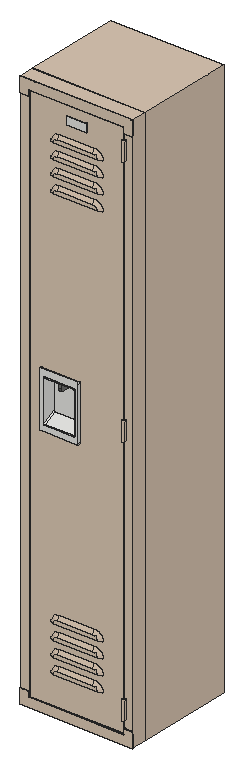
Revit family "Locker_SalsburyInd_Metal-1-Tier-Single", category Specialty Equipment, Revit 2022
Family settings
  Round Connector Dimension = Use Diameter
  Part Type = Normal
  OmniClass Number = 23.40.00.00
  OmniClass Title = Equipment and Furnishings
  Work Plane-Based = No
  Always vertical = Yes
  Cut with Voids When Loaded = No
  Maintain Annotation Orientation = No
  Shared = No
  Room Calculation Point = No
Parameters
  Warranty Duration (Years) = 0
  Vertical Front Filler Width_Right [instance] = 15.000"
  Vertical Front Filler Width_Left [instance] = 15.000"
  Vertical Filler_Right [instance] = ML_Front Filler : None
  Vertical Filler_Left [instance] = ML_Front Filler : None
  Unit Width = 12.000"
  Unit Height = 60.000"
  Unit Depth = 12.000"
  URL = "www.lockers.com"
  Type Comments = "Specify Assembled or Disassembled"
  Specification = ""
  SpecWizard = ""
  Sales Information = "http://www.lockers.com/service/contact/"
  Revision = "R1_2017-09"
  Product Properties = "http://www.lockers.com/shop-by-department/metal-lockers/standard-12-w/"
  Product Data = "http://www.arcat.com/arcatcos/cos35/arc35330.html"
  Overall Height [instance] = Unit Height + Base Height + Sloping Hood Height  # 60.000"
  Manufacturer Website = "http://www.lockers.com/"
  Manufacturer Phone - Toll Free = "800-562-5377"
  Manufacturer Phone = "323-846-6700"
  Manufacturer Fax = "323-846-6800"
  Manufacturer Address = "1010 E. 62nd St.  Los Angeles, CA 90001-1598"
  Maintenance Schedule (Months) = 0
  Lock Type [instance] = "[Built-in Combination][Padlock][Built-in Resettable Combination]"
  Keynote = "10 50 00"
  Installation Phase = ""
  Hasp Plate Material [instance] = Finish - Salsbury - Polished Steel
  Hasp Handle Material [instance] = Finish - Salsbury - Black
  Green Building-LEED = ""
  Expected Lifespan (Years) = 0
  End Panel_Right [instance] = ML_End Panel : None
  End Panel_Left [instance] = ML_End Panel : None
  Drawn By = "Sumex Design, Inc. / Robert S. Weygant, CSI, CDT, SCIP"
  Door Width = Unit Width - (1.063" * 2)  # 9.874"
  Door Height = Unit Height - (1.094" * 2)  # 57.812"
  Top Filler_Right [instance] = ML_Top Filler : None
  Top Filler_Left [instance] = ML_Top Filler : None
  Sloping Hood Height [instance] = if(not(Sloped Hood), 0.000", if(Unit Depth = 12.000", 6.625", if(Unit Depth = 15.000", 8.682", if(Unit Depth = 18.000", 10.739", 0.000"))))  # 0.000"
  Sloped Hood [instance] = no
  Model = "as Specified"
  Manufacturer = "Salsbury Industries"
  Fixture Finish [instance] = Finish - Salsbury - Tan
  Door A Label [instance] = "Number / Name as Specified"
  Description = "Salsbury Locker as Specified"
  Default Elevation = 0.000"
  Copyright = "©Arcat Inc."
  Construction Details = "http://www.arcat.com/details/salsbury/salsbury.html?coid=35330"
  Base_Right [instance] = ML_Base Side : None
  Base_Left [instance] = ML_Base Side : None
  Base Type = ML_Base Type : No Legs
  Base Height = 0.000"
  Base Front [instance] = ML_Front Base : None
  Assembly Code = "C1030310"
Reference planes (in)
  plane 1 "Center (Front/Back)": y = 0.005
  plane 2: z = 0
  plane 3 "Center (Left/Right)": x = 0
  plane 4 "Floor": z = 0
  plane 5 "Bottom of Unit": z = 0
  plane 6 "Top of Unit": z = 60
  plane 7 "Left Side of Unit": x = -6
  plane 8 "Right Side of Unit": x = 6
  plane 9 "Back of Unit": y = 6.005
  plane 10 "Front of Unit": y = -5.995
  plane 11 "Top of Sloping Hood": z = 60
  plane 12 "Right Side of Door Opening": x = 5
  plane 13 "Left Side of Door Opening": x = -5
  plane 14 "Top of Door Opening": z = 59
  plane 15 "Bottom of Door Opening": z = 1
  plane 16 "Back Edge of Front Facing": y = -4.407
  plane 17 "Front Plate Plane": y = -6.055
  plane 18 "Corner Filler Align-Left": x = -6.06
  plane 19 "Corner Filler Align-Right": x = 6.06
  plane 20 "Left Side of Door": x = -4.93029
  plane 21 "Right Side of Door": x = 4.93026
  plane 22 "Top of Door 1": z = 58.90976
  plane 23 "Bottom of Bottom Door": z = 1.09027
  plane 24: x = -5.075
  plane 25: x = 5.075
  plane 26: z = 58.40796
  plane 27: z = 1.59204
Forms (in)
  Sweep 1, solid, material "Finish - Salsbury - Tan" <- "Fixture Finish"
    path origin (0, -5.995, 0) x (1, 0, 0) y (0, 0, 1)
      loop
        line (-6, 60) -> (-6, 0) -> (6, 0) -> (6, 60) -> (-6, 60)
    profile origin (0, -5.995, 60) x (0, 0, 1) y (0, -1, 0)
      loop
        line (0, 0) -> (-1, 0) -> (-1, -1.588) -> (0, -1.588) -> (0, 0)
  Extrusion 2, solid, material "Finish - Salsbury - Tan" <- "Fixture Finish"
    sketch origin (0, -6.055, 0) x (0, 0, -1) y (1, 0, 0)
      loop
        line (-60, -6) -> (-58.47656, -6)
        arc (-58.47656, -6) -> (-58.42806, -5.97991) -> (-58.40796, -5.9314) r 0.0686
        line (-58.40796, -5.9314) -> (-58.40796, -5.14351)
        arc (-58.40796, -5.14351) -> (-58.42809, -5.09506) -> (-58.47656, -5.075) r 0.0686
        line (-58.47656, -5.075) -> (-59, -5.075) -> (-59, 5.075) -> (-58.47656, 5.075)
        arc (-58.47656, 5.075) -> (-58.42809, 5.09506) -> (-58.40796, 5.14351) r 0.0686
        line (-58.40796, 5.14351) -> (-58.40796, 5.9314)
        arc (-58.40796, 5.9314) -> (-58.42806, 5.97991) -> (-58.47656, 6) r 0.0686
        line (-58.47656, 6) -> (-60, 6) -> (-60, -6)
    from -0.06 to 0
  Extrusion 3, solid, material "Finish - Salsbury - Tan" <- "Fixture Finish"
    sketch origin (0, -6.055, 84) x (0, 0, 1) y (-1, 0, 0)
      loop
        line (-84, 6) -> (-84, -6) -> (-82.47656, -6)
        arc (-82.47656, -6) -> (-82.42806, -5.97991) -> (-82.40796, -5.9314) r 0.0686
        line (-82.40796, -5.9314) -> (-82.40796, -5.14351)
        arc (-82.40796, -5.14351) -> (-82.42809, -5.09506) -> (-82.47656, -5.075) r 0.0686
        line (-82.47656, -5.075) -> (-83, -5.075) -> (-83, 5.075) -> (-82.47656, 5.075)
        arc (-82.47656, 5.075) -> (-82.42809, 5.09506) -> (-82.40796, 5.14351) r 0.0686
        line (-82.40796, 5.14351) -> (-82.40796, 5.9314)
        arc (-82.40796, 5.9314) -> (-82.42806, 5.97991) -> (-82.47656, 6) r 0.0686
        line (-82.47656, 6) -> (-84, 6)
    from -0.06 to 0
  Extrusion 4, solid, material "Finish - Salsbury - Tan" <- "Fixture Finish"
    sketch origin (6, 0, 0) x (0, 0, -1) y (0, -1, 0)
      loop
        line (-59.94, 4.407) -> (-59.94, 6.055) -> (-60, 6.055) -> (-60, -6.005) -> (0, -6.005) -> (0, 4.407) -> (-59.94, 4.407)
    from 0 to 12
  Extrusion 5, void
    sketch origin (6, 0, 0) x (0, 0, -1) y (0, -1, 0)
      loop
        line (-60, 6.055) -> (-60, 4.407) -> (-59.94, 4.407) -> (-59.94, 6.055) -> (-60, 6.055)
    from 0 to 12
Cuts and joins
  Extrusion 5 cuts Extrusion 4
Dimensions and locks (in)
  equal spacing: plane 7 "Left Side of Unit", plane 3 "Center (Left/Right)", plane 8 "Right Side of Unit"
  "Unit Width": plane 7 "Left Side of Unit" to plane 8 "Right Side of Unit"
  "Base Height": plane 5 "Bottom of Unit" to plane 4 "Floor"
  "Unit Height": plane 6 "Top of Unit" to plane 5 "Bottom of Unit"
  equal spacing: plane 10 "Front of Unit", plane 1 "Center (Front/Back)", plane 9 "Back of Unit"
  "Unit Depth": plane 10 "Front of Unit" to plane 9 "Back of Unit"
  "Sloping Hood Height": plane 11 "Top of Sloping Hood" to plane 6 "Top of Unit"
  plane 6 "Top of Unit" to plane 14 "Top of Door Opening" to plane 22 "Top of Door 1" to plane 26 = 1.000" locked, 0.09024" locked, 0.5018" locked
  plane 27 to plane 23 "Bottom of Bottom Door" to plane 15 "Bottom of Door Opening" to plane 5 "Bottom of Unit" = 0.50177" locked, 0.09027" locked, 1.000" locked
  plane 7 "Left Side of Unit" to plane 13 "Left Side of Door Opening" to plane 20 "Left Side of Door" = 1.000" locked, 0.06971"
  plane 21 "Right Side of Door" to plane 12 "Right Side of Door Opening" to plane 8 "Right Side of Unit" = 0.06974", 1.000" locked
  plane 17 "Front Plate Plane" to plane 10 "Front of Unit" to plane 16 "Back Edge of Front Facing" = 0.060" locked, 1.588" locked
  locked: plane 8 "Right Side of Unit" to plane 19 "Corner Filler Align-Right" at 0.06
  locked: plane 18 "Corner Filler Align-Left" to plane 7 "Left Side of Unit" at 0.06
  plane 20 "Left Side of Door" to plane 21 "Right Side of Door" = 9.86055"
  locked: plane 7 "Left Side of Unit" to plane 24 at 0.925
  locked: plane 25 to plane 8 "Right Side of Unit" at 0.925
  locked: Extrusion 4 sketch curve to plane 6 "Top of Unit" at 0.06
  locked: Extrusion 5 sketch curve to plane 6 "Top of Unit" at 0.06
  aligned and locked: level to plane 2
  aligned and locked: Extrusion 2 to plane 10 "Front of Unit"
  aligned and locked: Extrusion 3 to plane 10 "Front of Unit"
  aligned and locked: plane 4 "Floor" to nested 1
  aligned and locked: plane 5 "Bottom of Unit" to Extrusion 3
  aligned and locked: plane 10 "Front of Unit" to nested 2
  aligned and locked: nested 5 to plane 10 "Front of Unit"
  aligned and locked: plane 10 "Front of Unit" to nested 6
  aligned and locked: plane 10 "Front of Unit" to nested 4
  aligned and locked: plane 23 "Bottom of Bottom Door" to nested 8
  aligned and locked: plane 10 "Front of Unit" to nested 8
  aligned and locked: plane 10 "Front of Unit" to nested 1
  aligned and locked: plane 6 "Top of Unit" to Sweep 1 sketch curve  (x2)
  aligned and locked: Sweep 1 sketch curve to plane 7 "Left Side of Unit"
  aligned and locked: plane 8 "Right Side of Unit" to Sweep 1 sketch curve
  aligned and locked: Sweep 1 sketch curve to plane 5 "Bottom of Unit"
  aligned and locked: plane 10 "Front of Unit" to Sweep 1
  aligned and locked: Extrusion 2 to plane 17 "Front Plate Plane"
  aligned and locked: plane 10 "Front of Unit" to Extrusion 2
  aligned and locked: Extrusion 2 to plane 8 "Right Side of Unit"
  aligned and locked: plane 7 "Left Side of Unit" to Extrusion 2
  aligned and locked: plane 7 "Left Side of Unit" to Extrusion 3
  aligned and locked: plane 17 "Front Plate Plane" to Extrusion 3
  aligned and locked: Extrusion 3 to plane 8 "Right Side of Unit"
  aligned and locked: plane 24 to Extrusion 3
  aligned and locked: plane 25 to Extrusion 3
  aligned and locked: plane 25 to Extrusion 2
  aligned and locked: Extrusion 2 to plane 24
  aligned and locked: plane 16 "Back Edge of Front Facing" to Sweep 1 sketch curve
  aligned and locked: Sweep 1 sketch curve to plane 14 "Top of Door Opening"
  aligned and locked: Sweep 1 sketch curve to plane 10 "Front of Unit"
  aligned and locked: plane 26 to Extrusion 2  (x2)
  aligned and locked: Extrusion 2 to plane 6 "Top of Unit"
  aligned and locked: plane 14 "Top of Door Opening" to Extrusion 2
  aligned and locked: Extrusion 3 to plane 15 "Bottom of Door Opening"
  aligned and locked: plane 27 to Extrusion 3
  aligned and locked: Extrusion 3 to plane 27
  aligned and locked: plane 8 "Right Side of Unit" to nested 6
  aligned and locked: nested 7 to plane 7 "Left Side of Unit"
  aligned and locked: plane 10 "Front of Unit" to nested 7
  aligned and locked: plane 11 "Top of Sloping Hood" to Extrusion 4 sketch curve
  aligned and locked: Extrusion 4 to plane 8 "Right Side of Unit"
  aligned and locked: plane 7 "Left Side of Unit" to Extrusion 4
  aligned and locked: plane 17 "Front Plate Plane" to Extrusion 4 sketch curve
  aligned and locked: Extrusion 5 sketch curve to plane 16 "Back Edge of Front Facing"
  aligned and locked: Extrusion 5 sketch curve to plane 6 "Top of Unit"
  aligned and locked: plane 17 "Front Plate Plane" to Extrusion 5 sketch curve
  aligned and locked: plane 7 "Left Side of Unit" to Extrusion 5
  aligned and locked: Extrusion 5 to plane 8 "Right Side of Unit"
  aligned and locked: plane 5 "Bottom of Unit" to nested 4
  aligned and locked: nested 5 to plane 5 "Bottom of Unit"
  aligned and locked: plane 1 "Center (Front/Back)" to nested 3
  aligned and locked: plane 8 "Right Side of Unit" to nested 3
  aligned and locked: plane 7 "Left Side of Unit" to nested 9
  aligned and locked: nested 9 to plane 1 "Center (Front/Back)"
  aligned and locked: plane 3 "Center (Left/Right)" to nested 2
  aligned and locked: plane 3 "Center (Left/Right)" to nested 1
  aligned and locked: plane 8 "Right Side of Unit" to nested 4
  aligned and locked: plane 7 "Left Side of Unit" to nested 5
  aligned and locked: plane 1 "Center (Front/Back)" to nested 10
  aligned and locked: nested 10 to plane 19 "Corner Filler Align-Right"
  aligned and locked: nested 11 to plane 1 "Center (Front/Back)"
  aligned and locked: plane 18 "Corner Filler Align-Left" to nested 11
  aligned and locked: plane 3 "Center (Left/Right)" to nested 8
  aligned and locked: plane 5 "Bottom of Unit" to Extrusion 4 sketch curve
  aligned and locked: plane 6 "Top of Unit" to Extrusion 4 sketch curve
Automatic sketch dimensions
  Extrusion 2 sketch curve to plane 6 "Top of Unit" = 0.000"
  plane 14 "Top of Door Opening" to Extrusion 2 sketch curve = 0.000"
  plane 7 "Left Side of Unit" to Extrusion 2 sketch curve = 0.000"
  Extrusion 2 sketch curve to plane 8 "Right Side of Unit" = 0.000"
  Extrusion 2 sketch curve to plane 7 "Left Side of Unit" = 0.0686"
  Extrusion 2 sketch curve to Extrusion 2 sketch curve = 0.0686"
  plane 13 "Left Side of Door Opening" to Extrusion 2 sketch curve = 0.1436"
  Extrusion 2 sketch curve to Extrusion 2 sketch curve = 0.00009"
  Extrusion 2 sketch curve to plane 12 "Right Side of Door Opening" = 0.075"
  Extrusion 2 sketch curve to Extrusion 2 sketch curve = 0.06851"
  Extrusion 3 sketch curve to plane 5 "Bottom of Unit" = 0.000"
  plane 15 "Bottom of Door Opening" to Extrusion 3 sketch curve = 0.000"
  Extrusion 3 sketch curve to plane 7 "Left Side of Unit" = 0.000"
  plane 8 "Right Side of Unit" to Extrusion 3 sketch curve = 0.000"
  Extrusion 3 sketch curve to Extrusion 3 sketch curve = 0.0686"  (x2)
  Extrusion 3 sketch curve to plane 13 "Left Side of Door Opening" = 0.1436"
  Extrusion 3 sketch curve to Extrusion 3 sketch curve = 0.00009"
  plane 12 "Right Side of Door Opening" to Extrusion 3 sketch curve = 0.075"
  Extrusion 3 sketch curve to Extrusion 3 sketch curve = 0.06851"
  plane 24 to Extrusion 2 sketch curve = 0.000"
  Extrusion 2 sketch curve to plane 26 = 0.000"  (x2)
  Extrusion 2 sketch curve to plane 26 = 0.0686"
  plane 24 to Extrusion 3 sketch curve = 0.000"
  Extrusion 3 sketch curve to plane 27 = 0.000"  (x2)
  Extrusion 3 sketch curve to plane 27 = 0.0686"
  Extrusion 4 sketch curve to plane 9 "Back of Unit" = 0.000"
  Extrusion 4 sketch curve to plane 16 "Back Edge of Front Facing" = 0.000"
Nested families (in)
  nested 1: "ML_Front Base" at (0, 0.01, 0), type <- "Base Front", Finish <- "Fixture Finish", Locker Width <- "Unit Width", type "None"
    with Width 10.000", Locker Width 12.000", Finish Finish - Salsbury - Tan
  nested 2: "ML_Base Type" at (0, 0.005, 0), type <- "Base Type", Finish <- "Fixture Finish", Depth <- "Unit Depth", Width <- "Unit Width", type "No Legs"
    with Width 12.000", Finish Finish - Salsbury - Tan, Depth 12.000"
  nested 3: "ML_Base Side" at (0.01, 0.005, 0), type <- "Base_Right", Locker Depth <- "Unit Depth", Finish <- "Fixture Finish", type "None"
    with Locker Depth 12.000", Finish Finish - Salsbury - Tan
  nested 4: "ML_End Panel" at (10.1325, 2.172, 0), type <- "End Panel_Right", Height <- "Unit Height", Depth <- "Unit Depth", Finish <- "Fixture Finish", type "None"
    with controldepth 12.000", Height 60.000", Finish Finish - Salsbury - Tan, Depth 12.000", Base Height 0.000"
  nested 5: "ML_End Panel" at (-10.1325, 2.172, 0) x (-1, 0, 0) z (0, 0, 1), type <- "End Panel_Left", Height <- "Unit Height", Depth <- "Unit Depth", Finish <- "Fixture Finish", type "None"
    with controldepth 12.000", Height 60.000", Finish Finish - Salsbury - Tan, Depth 12.000", Base Height 0.000"
  nested 6: "ML_Front Filler" at (18.095, -3.078, 0), type <- "Vertical Filler_Right", Base Height <- "Base Height", Height <- "Unit Height", Width <- "Vertical Front Filler Width_Right", Finish <- "Fixture Finish", type "None"
    with Width 15.000", Height 60.000", Finish Finish - Salsbury - Tan, Base Height 0.000"
  nested 7: "ML_Front Filler" at (-8.905, -3.078, 0), type <- "Vertical Filler_Left", Base Height <- "Base Height", Height <- "Unit Height", Width <- "Vertical Front Filler Width_Left", Finish <- "Fixture Finish", type "None"
    with Width 15.000", Height 60.000", Finish Finish - Salsbury - Tan, Base Height 0.000"
  nested 8: "Metal Locker Doors_SingleTier" at (0, -5.545, 1.09027), Hasp Handle Material <- "Hasp Handle Material", Hasp Plate Rivet Material <- "Hasp Plate Material", Primary Structure Material <- "Fixture Finish", Width <- "Door Width", type "as Specified"
    with Width 9.874", Primary Structure Material Finish - Salsbury - Tan, Louver Width 5.55412", Hasp Plate Rivet Material Finish - Salsbury - Polished Steel, Hasp Handle Material Finish - Salsbury - Black
  nested 9: "ML_Base Side" at (-0.01, 0.005, 0) x (-1, 0, 0) z (0, 0, 1), type <- "Base_Left", Locker Depth <- "Unit Depth", Finish <- "Fixture Finish", type "None"
    with Locker Depth 12.000", Finish Finish - Salsbury - Tan
  nested 10: "ML_Top Filler" at (10.655, 2.172, 60), Finish <- "Fixture Finish", type <- "Top Filler_Right", Width <- "Vertical Front Filler Width_Right", Depth <- "Unit Depth", type "None"
    with Width 15.000", Sloped Height 6.625", Finish Finish - Salsbury - Tan, Depth 12.000", Corner Width 12.625"
  nested 11: "ML_Top Filler" at (-10.655, 2.172, 60) x (-1, 0, 0) z (0, 0, 1), Finish <- "Fixture Finish", type <- "Top Filler_Left", Width <- "Vertical Front Filler Width_Left", Depth <- "Unit Depth", type "None"
    with Width 15.000", Sloped Height 6.625", Finish Finish - Salsbury - Tan, Depth 12.000", Corner Width 12.625"
Definition of nested family "Metal Locker Doors_SingleTier"
  Parameters (values of type "as Specified")
    Width [instance] = 9.938"
    Visible Top Louvers 3 and 4 = yes
    Visible Top Louver 2 = yes
    Visible Hinge 3 = yes
    Visible Bottom Louvers 1 and 2 = yes
    Visible Bottom Louver 3 = yes
    Top Louver Set Vertical Alignment = 3.063"
    Primary Structure Material [instance] = none
    Number Plate Alignment = 0.9375"
    Louver Width [instance] = Width * 9 / 16  # 5.59013"
    Hinge 3 Placement = 54.500"
    Hinge 2 Placement = 27.875"
    Hinge 1 Placement = 1.125"
    Height = 57.812"
    Hasp Plate Rivet Material [instance] = none
    Hasp Height = 5.960"
    Hasp Handle Material [instance] = none
    Depth = 0.900"
    Default Elevation = 48.000"
    Bottom Louver Set Vertical Alignment = 3.063"
  Reference planes (in)
    plane 1 "Center (Front/Back)": y = 0
    plane 2 "Bottom of Door": z = 0
    plane 3 "Center (Left/Right)": x = 0
    plane 4 "Center (Top/Bottom)": z = 28.906
    plane 5 "Top of Door": z = 57.812
    plane 6 "Right Side of Door": x = 4.969
    plane 7 "Left Side of Door": x = -4.969
    plane 8 "Front of Door": y = -0.45
    plane 9 "Back of Door": y = 0.45
    plane 10 "Top of Number Plate": z = 56.8745
    plane 11 "Top of Top Vent 1": z = 54.749
    plane 12 "Top of Top Vent 2": z = 53.124
    plane 13 "Top of Top Vent 3": z = 51.499
    plane 14 "Top of Top Vent 4": z = 49.874
    plane 15 "Bottom of Bottom Vent 1": z = 7.938
    plane 16 "Bottom of Bottom Vent 2": z = 6.313
    plane 17 "Bottom of Bottom Vent 3": z = 4.688
    plane 18 "Bottom of Bottom Vent 4": z = 3.063
    plane 19 "Top of Hasp Alignment": z = 31.886
    plane 20 "Left Side of Hasp Alignment": x = -3.844
    plane 21 "Bottom of Hasp Alignment": z = 25.926
    plane 22 "Right Side of Hasp Alignment": x = 0.256
    plane 23 "Left Side of Louvers": x = -2.79506
    plane 24 "Right Side of Louvers": x = 2.79506
    plane 25 "Front of Louvers": y = -0.6375
    plane 26: x = -1.094
    plane 27: x = 1.094
    plane 28: z = 55.8745
    plane 29 "Center Hasp": x = -1.794
    plane 30 "Top of Hinge 3": z = 3.312
    plane 31 "Top of Hinge 2": z = 29.937
    plane 32 "Top of Hinge 1": z = 56.687
  Forms (in)
    Extrusion 1, solid, material <- "Primary Structure Material"
      sketch origin (0, 0, 0) x (1, 0, 0) y (0, 0, 1)
        loop
          line (-4.969, 57.812) -> (-4.969, 0) -> (4.969, 0) -> (4.969, 57.812) -> (-4.969, 57.812)
      from -0.45 to 0.45
    Blend 2, solid, material <- "Primary Structure Material"
      base sketch origin (0, -0.45, 0) x (1, 0, 0) y (0, 0, 1)
        loop
          line (-2.79506, 53.84744) -> (2.79506, 53.84744)
          arc (2.79506, 53.84744) -> (2.531, 54.48494) -> (1.8935, 54.749) r 0.90156
          line (1.8935, 54.749) -> (-1.8935, 54.749)
          arc (-1.8935, 54.749) -> (-2.531, 54.48494) -> (-2.79506, 53.84744) r 0.90156
      top sketch origin (0, -0.6375, 0) x (1, 0, 0) y (0, 0, 1)
        loop
          line (-2.36248, 53.84744) -> (2.36248, 53.84744)
          arc (2.36248, 53.84744) -> (2.22656, 54.17558) -> (1.89842, 54.3115) r 0.46406
          line (1.89842, 54.3115) -> (-1.89842, 54.3115)
          arc (-1.89842, 54.3115) -> (-2.22656, 54.17558) -> (-2.36248, 53.84744) r 0.46406
      from 0 to 0
    Blend 3, solid, material <- "Primary Structure Material", visible <- "Visible Top Louver 2"
      base sketch origin (0, -0.45, -1.625) x (1, 0, 0) y (0, 0, 1)
        loop
          line (-2.79506, 53.84744) -> (2.79506, 53.84744)
          arc (2.79506, 53.84744) -> (2.531, 54.48494) -> (1.8935, 54.749) r 0.90156
          line (1.8935, 54.749) -> (-1.8935, 54.749)
          arc (-1.8935, 54.749) -> (-2.531, 54.48494) -> (-2.79506, 53.84744) r 0.90156
      top sketch origin (0, -0.6375, -1.625) x (1, 0, 0) y (0, 0, 1)
        loop
          line (-2.36248, 53.84744) -> (2.36248, 53.84744)
          arc (2.36248, 53.84744) -> (2.22656, 54.17558) -> (1.89842, 54.3115) r 0.46406
          line (1.89842, 54.3115) -> (-1.89842, 54.3115)
          arc (-1.89842, 54.3115) -> (-2.22656, 54.17558) -> (-2.36248, 53.84744) r 0.46406
      from 0 to 0
    Blend 4, solid, material <- "Primary Structure Material", visible <- "Visible Top Louvers 3 and 4"
      base sketch origin (0, -0.45, -3.25) x (1, 0, 0) y (0, 0, 1)
        loop
          line (-2.79506, 53.84744) -> (2.79506, 53.84744)
          arc (2.79506, 53.84744) -> (2.531, 54.48494) -> (1.8935, 54.749) r 0.90156
          line (1.8935, 54.749) -> (-1.8935, 54.749)
          arc (-1.8935, 54.749) -> (-2.531, 54.48494) -> (-2.79506, 53.84744) r 0.90156
      top sketch origin (0, -0.6375, -3.25) x (1, 0, 0) y (0, 0, 1)
        loop
          line (-2.36248, 53.84744) -> (2.36248, 53.84744)
          arc (2.36248, 53.84744) -> (2.22656, 54.17558) -> (1.89842, 54.3115) r 0.46406
          line (1.89842, 54.3115) -> (-1.89842, 54.3115)
          arc (-1.89842, 54.3115) -> (-2.22656, 54.17558) -> (-2.36248, 53.84744) r 0.46406
      from 0 to 0
    Blend 5, solid, material <- "Primary Structure Material", visible <- "Visible Top Louvers 3 and 4"
      base sketch origin (0, -0.45, -4.875) x (1, 0, 0) y (0, 0, 1)
        loop
          line (-2.79506, 53.84744) -> (2.79506, 53.84744)
          arc (2.79506, 53.84744) -> (2.531, 54.48494) -> (1.8935, 54.749) r 0.90156
          line (1.8935, 54.749) -> (-1.8935, 54.749)
          arc (-1.8935, 54.749) -> (-2.531, 54.48494) -> (-2.79506, 53.84744) r 0.90156
      top sketch origin (0, -0.6375, -4.875) x (1, 0, 0) y (0, 0, 1)
        loop
          line (-2.36248, 53.84744) -> (2.36248, 53.84744)
          arc (2.36248, 53.84744) -> (2.22656, 54.17558) -> (1.89842, 54.3115) r 0.46406
          line (1.89842, 54.3115) -> (-1.89842, 54.3115)
          arc (-1.89842, 54.3115) -> (-2.22656, 54.17558) -> (-2.36248, 53.84744) r 0.46406
      from 0 to 0
    Blend 6, solid, material <- "Primary Structure Material", visible <- "Visible Bottom Louvers 1 and 2"
      base sketch origin (0, -0.45, -57.818) x (1, 0, 0) y (0, 0, 1)
        loop
          line (-2.79506, 65.756) -> (2.79506, 65.756)
          arc (2.79506, 65.756) -> (2.531, 66.3935) -> (1.8935, 66.65756) r 0.90156
          line (1.8935, 66.65756) -> (-1.8935, 66.65756)
          arc (-1.8935, 66.65756) -> (-2.531, 66.3935) -> (-2.79506, 65.756) r 0.90156
      top sketch origin (0, -0.6375, -57.818) x (1, 0, 0) y (0, 0, 1)
        loop
          line (-2.36248, 65.756) -> (2.36248, 65.756)
          arc (2.36248, 65.756) -> (2.22656, 66.08414) -> (1.89842, 66.22006) r 0.46406
          line (1.89842, 66.22006) -> (-1.89842, 66.22006)
          arc (-1.89842, 66.22006) -> (-2.22656, 66.08414) -> (-2.36248, 65.756) r 0.46406
      from 0 to 0
    Blend 7, solid, material <- "Primary Structure Material", visible <- "Visible Bottom Louvers 1 and 2"
      base sketch origin (0, -0.45, -59.443) x (1, 0, 0) y (0, 0, 1)
        loop
          line (-2.79506, 65.756) -> (2.79506, 65.756)
          arc (2.79506, 65.756) -> (2.531, 66.3935) -> (1.8935, 66.65756) r 0.90156
          line (1.8935, 66.65756) -> (-1.8935, 66.65756)
          arc (-1.8935, 66.65756) -> (-2.531, 66.3935) -> (-2.79506, 65.756) r 0.90156
      top sketch origin (0, -0.6375, -59.443) x (1, 0, 0) y (0, 0, 1)
        loop
          line (-2.36248, 65.756) -> (2.36248, 65.756)
          arc (2.36248, 65.756) -> (2.22656, 66.08414) -> (1.89842, 66.22006) r 0.46406
          line (1.89842, 66.22006) -> (-1.89842, 66.22006)
          arc (-1.89842, 66.22006) -> (-2.22656, 66.08414) -> (-2.36248, 65.756) r 0.46406
      from 0 to 0
    Blend 8, solid, material <- "Primary Structure Material", visible <- "Visible Bottom Louver 3"
      base sketch origin (0, -0.45, -61.068) x (1, 0, 0) y (0, 0, 1)
        loop
          line (-2.79506, 65.756) -> (2.79506, 65.756)
          arc (2.79506, 65.756) -> (2.531, 66.3935) -> (1.8935, 66.65756) r 0.90156
          line (1.8935, 66.65756) -> (-1.8935, 66.65756)
          arc (-1.8935, 66.65756) -> (-2.531, 66.3935) -> (-2.79506, 65.756) r 0.90156
      top sketch origin (0, -0.6375, -61.068) x (1, 0, 0) y (0, 0, 1)
        loop
          line (-2.36248, 65.756) -> (2.36248, 65.756)
          arc (2.36248, 65.756) -> (2.22656, 66.08414) -> (1.89842, 66.22006) r 0.46406
          line (1.89842, 66.22006) -> (-1.89842, 66.22006)
          arc (-1.89842, 66.22006) -> (-2.22656, 66.08414) -> (-2.36248, 65.756) r 0.46406
      from 0 to 0
    Blend 9, solid, material <- "Primary Structure Material"
      base sketch origin (0, -0.45, -62.693) x (1, 0, 0) y (0, 0, 1)
        loop
          line (-2.79506, 65.756) -> (2.79506, 65.756)
          arc (2.79506, 65.756) -> (2.531, 66.3935) -> (1.8935, 66.65756) r 0.90156
          line (1.8935, 66.65756) -> (-1.8935, 66.65756)
          arc (-1.8935, 66.65756) -> (-2.531, 66.3935) -> (-2.79506, 65.756) r 0.90156
      top sketch origin (0, -0.6375, -62.693) x (1, 0, 0) y (0, 0, 1)
        loop
          line (-2.36248, 65.756) -> (2.36248, 65.756)
          arc (2.36248, 65.756) -> (2.22656, 66.08414) -> (1.89842, 66.22006) r 0.46406
          line (1.89842, 66.22006) -> (-1.89842, 66.22006)
          arc (-1.89842, 66.22006) -> (-2.22656, 66.08414) -> (-2.36248, 65.756) r 0.46406
      from 0 to 0
    Extrusion 10, solid, material <- "Hasp Plate Rivet Material"
      sketch origin (0, -0.45, 0) x (1, 0, 0) y (0, 0, 1)
        loop
          arc (-1.06847, 56.83895) -> (-1.09512, 56.37621) -> (-1.06847, 55.91347) r 4.03112
          arc (-1.06847, 55.91347) -> (0, 55.87472) -> (1.06847, 55.91347) r 14.75
          arc (1.06847, 55.91347) -> (1.09512, 56.37621) -> (1.06847, 56.83895) r 4.03112
          arc (1.06847, 56.83895) -> (0, 56.87767) -> (-1.06847, 56.83895) r 14.7612
      from 0 to 0.03497
    Extrusion 11, solid, material <- "Hasp Plate Rivet Material"
      sketch origin (0, -0.45, 0) x (1, 0, 0) y (0, 0, 1)
        loop
          arc (-3.74618, 31.886) -> (-3.81535, 31.85735) -> (-3.844, 31.78818) r 0.09782
          line (-3.844, 31.78818) -> (-3.844, 26.02301)
          arc (-3.844, 26.02301) -> (-3.81559, 25.95441) -> (-3.74699, 25.926) r 0.09701
          line (-3.74699, 25.926) -> (0.1498, 25.926)
          arc (0.1498, 25.926) -> (0.2249, 25.9571) -> (0.256, 26.0322) r 0.1062
          line (0.256, 26.0322) -> (0.256, 31.78146)
          arc (0.256, 31.78146) -> (0.22538, 31.85538) -> (0.15146, 31.886) r 0.10454
          line (0.15146, 31.886) -> (-3.74618, 31.886)
      from 0 to 0.1875
    Extrusion 12, void
      sketch origin (0, 0.45, 0) x (1, 0, 0) y (0, 0, 1)
        loop
          line (-0.23842, 31.136) -> (-3.33108, 31.136)
          arc (-3.33108, 31.136) -> (-3.4286, 31.0956) -> (-3.469, 30.99808) r 0.13792
          line (-3.469, 30.99808) -> (-3.469, 26.68892)
          arc (-3.469, 26.68892) -> (-3.4286, 26.5914) -> (-3.33108, 26.551) r 0.13792
          line (-3.33108, 26.551) -> (-0.23842, 26.551)
          arc (-0.23842, 26.551) -> (-0.15398, 26.58598) -> (-0.119, 26.67042) r 0.11942
          line (-0.119, 26.67042) -> (-0.119, 31.01658)
          arc (-0.119, 31.01658) -> (-0.15398, 31.10102) -> (-0.23842, 31.136) r 0.11942
      from 0 to 1.0875
    Blend 13, solid, material <- "Hasp Plate Rivet Material"
      base sketch origin (5.54622, -0.6375, 48) x (1, 0, 0) y (0, 0, 1)
        loop
          line (-5.80314, -16.864) -> (-8.8773, -16.864)
          arc (-8.8773, -16.864) -> (-8.97483, -16.9044) -> (-9.01522, -17.00192) r 0.13792
          line (-9.01522, -17.00192) -> (-9.01522, -20.62358)
          arc (-9.01522, -20.62358) -> (-8.97483, -20.7211) -> (-8.8773, -20.7615) r 0.13792
          line (-8.8773, -20.7615) -> (-5.80314, -20.7615)
          arc (-5.80314, -20.7615) -> (-5.70562, -20.7211) -> (-5.66522, -20.62358) r 0.13792
          line (-5.66522, -20.62358) -> (-5.66522, -17.00192)
          arc (-5.66522, -17.00192) -> (-5.70562, -16.9044) -> (-5.80314, -16.864) r 0.13792
      top sketch origin (5.54622, -0.6375, 48) x (1, 0, 0) y (0, 0, 1)
        loop
          line (-5.80314, -16.864) -> (-8.8773, -16.864)
          arc (-8.8773, -16.864) -> (-8.97483, -16.9044) -> (-9.01522, -17.00192) r 0.13792
          line (-9.01522, -17.00192) -> (-9.01522, -21.31108)
          arc (-9.01522, -21.31108) -> (-8.97483, -21.4086) -> (-8.8773, -21.449) r 0.13792
          line (-8.8773, -21.449) -> (-5.80314, -21.449)
          arc (-5.80314, -21.449) -> (-5.70562, -21.4086) -> (-5.66522, -21.31108) r 0.13792
          line (-5.66522, -21.31108) -> (-5.66522, -17.00192)
          arc (-5.66522, -17.00192) -> (-5.70562, -16.9044) -> (-5.80314, -16.864) r 0.13792
      from -1.38343 to 0
    Blend 14, void
      base sketch origin (5.54622, -0.6375, 48) x (-1, 0, 0) y (0, 0, 1)
        loop
          arc (5.86564, -16.9265) -> (5.76812, -16.9669) -> (5.72772, -17.06442) r 0.13792
          line (5.72772, -17.06442) -> (5.72772, -20.56108)
          arc (5.72772, -20.56108) -> (5.76812, -20.6586) -> (5.86564, -20.699) r 0.13792
          line (5.86564, -20.699) -> (8.8148, -20.699)
          arc (8.8148, -20.699) -> (8.91233, -20.6586) -> (8.95272, -20.56108) r 0.13792
          line (8.95272, -20.56108) -> (8.95272, -17.06442)
          arc (8.95272, -17.06442) -> (8.91233, -16.9669) -> (8.8148, -16.9265) r 0.13792
          line (8.8148, -16.9265) -> (5.86564, -16.9265)
      top sketch origin (5.54622, -0.6375, 48) x (1, 0, 0) y (0, 0, 1)
        loop
          line (-5.81877, -16.90306) -> (-8.86168, -16.90306)
          arc (-8.86168, -16.90306) -> (-8.9592, -16.94346) -> (-8.9996, -17.04098) r 0.13792
          line (-8.9996, -17.04098) -> (-8.9996, -21.29545)
          arc (-8.9996, -21.29545) -> (-8.9592, -21.39298) -> (-8.86168, -21.43338) r 0.13792
          line (-8.86168, -21.43338) -> (-5.81877, -21.43338)
          arc (-5.81877, -21.43338) -> (-5.72124, -21.39298) -> (-5.68085, -21.29545) r 0.13792
          line (-5.68085, -21.29545) -> (-5.68085, -17.04098)
          arc (-5.68085, -17.04098) -> (-5.72124, -16.94346) -> (-5.81877, -16.90306) r 0.13792
      from 1.32053 to 0
    Extrusion 15, solid, material <- "Hasp Handle Material"
      sketch origin (-1.794, 0, 0.00013) x (0, 0, -1) y (0, -1, 0)
        loop
          line (-31.12024, 0.45) -> (-31.12024, -0.51) -> (-30.43837, -0.51)
          arc (-30.43837, -0.51) -> (-30.31137, -0.45412) -> (-30.26677, -0.32274) r 0.17225
          arc (-30.26677, -0.32274) -> (-30.31602, -0.03) -> (-30.26677, 0.26274) r 0.89468
          arc (-30.26677, 0.26274) -> (-30.31137, 0.39412) -> (-30.43837, 0.45) r 0.17225
          line (-30.43837, 0.45) -> (-31.12024, 0.45)
      from -0.163 to 0.163
    Extrusion 16, void
      sketch origin (-1.794, -0.13281, 0.04687) x (0, 0, -1) y (0, -1, 0)
        loop
          circle (-30.73977, -0.16411) r 0.2
      from -0.163 to 0.163
    Extrusion 17, solid, material <- "Primary Structure Material", detail levels medium+fine
      sketch origin (0, 0, 56.687) x (0, -1, 0) y (1, 0, 0)
        loop
          line (0.45, 4.969) -> (0.575, 4.969)
          arc (0.575, 4.969) -> (0.7, 5.094) -> (0.575, 5.219) r 0.125
          line (0.575, 5.219) -> (0.45, 5.219) -> (0.45, 4.969)
      from 0 to -2
    Extrusion 18, solid, material <- "Primary Structure Material", detail levels medium+fine
      sketch origin (0, 0, 29.937) x (0, -1, 0) y (1, 0, 0)
        loop
          line (0.45, 4.969) -> (0.575, 4.969)
          arc (0.575, 4.969) -> (0.7, 5.094) -> (0.575, 5.219) r 0.125
          line (0.575, 5.219) -> (0.45, 5.219) -> (0.45, 4.969)
      from 0 to -2
    Extrusion 19, solid, material <- "Primary Structure Material", visible <- "Visible Hinge 3", detail levels medium+fine
      sketch origin (0, 0, 3.312) x (0, -1, 0) y (1, 0, 0)
        loop
          line (0.45, 4.969) -> (0.575, 4.969)
          arc (0.575, 4.969) -> (0.7, 5.094) -> (0.575, 5.219) r 0.125
          line (0.575, 5.219) -> (0.45, 5.219) -> (0.45, 4.969)
      from 0 to -2
  Cuts and joins
    Extrusion 12, Extrusion 16 cuts Extrusion 1
    Extrusion 12 cuts Extrusion 11
    Extrusion 16 cuts Extrusion 15
    Blend 14 cuts Blend 13
  Dimensions and locks (in)
    equal spacing: plane 5 "Top of Door", plane 4 "Center (Top/Bottom)", plane 2 "Bottom of Door"
    "Height": plane 5 "Top of Door" to plane 2 "Bottom of Door"
    equal spacing: plane 8 "Front of Door", plane 1 "Center (Front/Back)", plane 9 "Back of Door"
    "Depth": plane 8 "Front of Door" to plane 9 "Back of Door"
    equal spacing: plane 7 "Left Side of Door", plane 3 "Center (Left/Right)", plane 6 "Right Side of Door"
    "Width": plane 7 "Left Side of Door" to plane 6 "Right Side of Door"
    "Number Plate Alignment": plane 5 "Top of Door" to plane 10 "Top of Number Plate" to plane 28
    equal spacing: plane 23 "Left Side of Louvers", plane 3 "Center (Left/Right)", plane 24 "Right Side of Louvers"
    "Louver Width": plane 23 "Left Side of Louvers" to plane 24 "Right Side of Louvers"
    "Top Louver Set Vertical Alignment": plane 5 "Top of Door" to plane 11 "Top of Top Vent 1"
    plane 11 "Top of Top Vent 1" to plane 12 "Top of Top Vent 2" to plane 13 "Top of Top Vent 3" to plane 14 "Top of Top Vent 4" = 1.625", 1.625", 1.625"
    "Bottom Louver Set Vertical Alignment": plane 18 "Bottom of Bottom Vent 4" to plane 2 "Bottom of Door"
    plane 15 "Bottom of Bottom Vent 1" to plane 16 "Bottom of Bottom Vent 2" to plane 17 "Bottom of Bottom Vent 3" to plane 18 "Bottom of Bottom Vent 4" = 1.625", 1.625", 1.625"
    equal spacing: plane 19 "Top of Hasp Alignment", plane 4 "Center (Top/Bottom)", plane 21 "Bottom of Hasp Alignment"
    "Hasp Height": plane 19 "Top of Hasp Alignment" to plane 21 "Bottom of Hasp Alignment"
    plane 7 "Left Side of Door" to plane 20 "Left Side of Hasp Alignment" to plane 22 "Right Side of Hasp Alignment" = 1.125" locked, 4.100"
    locked: plane 25 "Front of Louvers" to plane 8 "Front of Door" at 0.1875
    plane 26 to plane 3 "Center (Left/Right)" to plane 27 = 1.094" locked, 1.094" locked
    plane 20 "Left Side of Hasp Alignment" to plane 29 "Center Hasp" to plane 22 "Right Side of Hasp Alignment" = 2.050", 2.050"
    "Hinge 1 Placement": plane 5 "Top of Door" to plane 32 "Top of Hinge 1"
    locked: plane 20 "Left Side of Hasp Alignment" to Blend 14 sketch curve at 0.4375
    locked: Blend 14 sketch curve to plane 22 "Right Side of Hasp Alignment" at 0.4375
    locked: plane 20 "Left Side of Hasp Alignment" to Blend 14 sketch curve at 0.39062
    locked: Blend 14 sketch curve to plane 22 "Right Side of Hasp Alignment" at 0.39063
    locked: plane 20 "Left Side of Hasp Alignment" to Blend 13 sketch curve at 0.375  (x2)
    locked: Blend 13 sketch curve to plane 22 "Right Side of Hasp Alignment" at 0.375  (x2)
    locked: plane 20 "Left Side of Hasp Alignment" to Extrusion 12 sketch curve at 0.375
    locked: Extrusion 12 sketch curve to plane 22 "Right Side of Hasp Alignment" at 0.375
    locked: plane 19 "Top of Hasp Alignment" to Blend 14 sketch curve at 0.8125
    locked: plane 19 "Top of Hasp Alignment" to Blend 14 sketch curve at 0.78906
    locked: plane 19 "Top of Hasp Alignment" to Extrusion 12 sketch curve at 0.75
    locked: plane 30 "Top of Hinge 3" to level at 3.312
    locked: plane 31 "Top of Hinge 2" to plane 4 "Center (Top/Bottom)" at 1.031
    locked: Blend 2 sketch curve to plane 24 "Right Side of Louvers" at 0.90156
    locked: plane 23 "Left Side of Louvers" to Blend 2 sketch curve at 0.90156
    locked: plane 23 "Left Side of Louvers" to Blend 2 sketch curve at 0.89665
    locked: Blend 2 sketch curve to plane 24 "Right Side of Louvers" at 0.89665
    locked: Blend 3 sketch curve to plane 24 "Right Side of Louvers" at 0.90156
    locked: plane 23 "Left Side of Louvers" to Blend 3 sketch curve at 0.90156
    locked: plane 23 "Left Side of Louvers" to Blend 3 sketch curve at 0.89665
    locked: Blend 3 sketch curve to plane 24 "Right Side of Louvers" at 0.89665
    locked: plane 23 "Left Side of Louvers" to Blend 4 sketch curve at 0.90156
    locked: Blend 4 sketch curve to plane 24 "Right Side of Louvers" at 0.90156
    locked: plane 23 "Left Side of Louvers" to Blend 4 sketch curve at 0.89665
    locked: Blend 4 sketch curve to plane 24 "Right Side of Louvers" at 0.89665
    locked: plane 23 "Left Side of Louvers" to Blend 5 sketch curve at 0.90156
    locked: Blend 5 sketch curve to plane 24 "Right Side of Louvers" at 0.90156
    locked: plane 23 "Left Side of Louvers" to Blend 5 sketch curve at 0.89665
    locked: Blend 5 sketch curve to plane 24 "Right Side of Louvers" at 0.89665
    locked: plane 23 "Left Side of Louvers" to Blend 6 sketch curve at 0.90156
    locked: Blend 6 sketch curve to plane 24 "Right Side of Louvers" at 0.90156
    locked: plane 23 "Left Side of Louvers" to Blend 6 sketch curve at 0.89665
    locked: Blend 6 sketch curve to plane 24 "Right Side of Louvers" at 0.89665
    locked: plane 23 "Left Side of Louvers" to Blend 7 sketch curve at 0.90156
    locked: Blend 7 sketch curve to plane 24 "Right Side of Louvers" at 0.90156
    locked: plane 23 "Left Side of Louvers" to Blend 7 sketch curve at 0.89665
    locked: Blend 7 sketch curve to plane 24 "Right Side of Louvers" at 0.89665
    locked: plane 23 "Left Side of Louvers" to Blend 8 sketch curve at 0.90156
    locked: Blend 8 sketch curve to plane 24 "Right Side of Louvers" at 0.90156
    locked: plane 23 "Left Side of Louvers" to Blend 8 sketch curve at 0.89665
    locked: Blend 8 sketch curve to plane 24 "Right Side of Louvers" at 0.89665
    locked: plane 23 "Left Side of Louvers" to Blend 9 sketch curve at 0.89665
    locked: Blend 9 sketch curve to plane 24 "Right Side of Louvers" at 0.89665
    locked: plane 23 "Left Side of Louvers" to Blend 9 sketch curve at 0.90156
    locked: Blend 9 sketch curve to plane 24 "Right Side of Louvers" at 0.90156
    aligned and locked: level to plane 2 "Bottom of Door"
    aligned and locked: plane 5 "Top of Door" to Extrusion 1 sketch curve
    aligned and locked: Extrusion 1 sketch curve to plane 7 "Left Side of Door"
    aligned and locked: plane 2 "Bottom of Door" to Extrusion 1 sketch curve
    aligned and locked: plane 6 "Right Side of Door" to Extrusion 1 sketch curve
    aligned and locked: plane 25 "Front of Louvers" to Blend 2
    aligned and locked: plane 11 "Top of Top Vent 1" to Blend 2
    aligned and locked: plane 12 "Top of Top Vent 2" to Blend 3
    aligned and locked: plane 13 "Top of Top Vent 3" to Blend 4
    aligned and locked: plane 14 "Top of Top Vent 4" to Blend 5
    aligned and locked: plane 15 "Bottom of Bottom Vent 1" to Blend 6
    aligned and locked: plane 16 "Bottom of Bottom Vent 2" to Blend 7
    aligned and locked: plane 17 "Bottom of Bottom Vent 3" to Blend 8
    aligned and locked: plane 18 "Bottom of Bottom Vent 4" to Blend 9
    aligned and locked: plane 19 "Top of Hasp Alignment" to Extrusion 11 sketch curve
    aligned and locked: plane 21 "Bottom of Hasp Alignment" to Extrusion 11 sketch curve
    aligned and locked: plane 22 "Right Side of Hasp Alignment" to Extrusion 11 sketch curve
    aligned and locked: plane 20 "Left Side of Hasp Alignment" to Extrusion 11 sketch curve
    aligned and locked: plane 25 "Front of Louvers" to Extrusion 11
    aligned and locked: plane 25 "Front of Louvers" to Extrusion 12
    aligned and locked: plane 25 "Front of Louvers" to Blend 13
    aligned and locked: plane 25 "Front of Louvers" to Blend 14
  Automatic sketch dimensions
    plane 23 "Left Side of Louvers" to Blend 2 sketch curve = 0.000"
    Blend 2 sketch curve to plane 11 "Top of Top Vent 1" = 0.000"
    plane 23 "Left Side of Louvers" to Blend 3 sketch curve = 0.000"
    Blend 3 sketch curve to plane 12 "Top of Top Vent 2" = 0.000"
    plane 23 "Left Side of Louvers" to Blend 4 sketch curve = 0.000"
    Blend 4 sketch curve to plane 13 "Top of Top Vent 3" = 0.000"
    plane 23 "Left Side of Louvers" to Blend 5 sketch curve = 0.000"
    Blend 5 sketch curve to plane 14 "Top of Top Vent 4" = 0.000"
    Blend 6 sketch curve to plane 15 "Bottom of Bottom Vent 1" = 0.000"  (x2)
    plane 23 "Left Side of Louvers" to Blend 6 sketch curve = 0.000"
    Blend 7 sketch curve to plane 16 "Bottom of Bottom Vent 2" = 0.000"  (x2)
    plane 23 "Left Side of Louvers" to Blend 7 sketch curve = 0.000"
    Blend 8 sketch curve to plane 17 "Bottom of Bottom Vent 3" = 0.000"  (x2)
    plane 23 "Left Side of Louvers" to Blend 8 sketch curve = 0.000"
    Blend 9 sketch curve to plane 18 "Bottom of Bottom Vent 4" = 0.000"  (x2)
    plane 23 "Left Side of Louvers" to Blend 9 sketch curve = 0.000"
    Extrusion 10 sketch curve to plane 3 "Center (Left/Right)" = 0.000"  (x2)
    plane 23 "Left Side of Louvers" to Extrusion 10 sketch curve = 0.14094"
    Extrusion 10 sketch curve to plane 24 "Right Side of Louvers" = 0.14094"
    plane 14 "Top of Top Vent 4" to Extrusion 10 sketch curve = 7.75754"
    plane 32 "Top of Hinge 1" to Extrusion 10 sketch curve = 0.31079"  (x2)
    Extrusion 10 sketch curve to plane 5 "Top of Door" = 12.81272"
    Extrusion 10 sketch curve to plane 26 = 0.02553"  (x2)
    plane 27 to Extrusion 10 sketch curve = 0.02553"
    Extrusion 10 sketch curve to plane 28 = 0.03897"
    Extrusion 15 sketch curve to plane 8 "Front of Door" = 0.000"
    plane 19 "Top of Hasp Alignment" to Extrusion 15 sketch curve = 0.76563"
    Extrusion 15 sketch curve to Extrusion 15 sketch curve = 0.68188"  (x2)
    Extrusion 15 sketch curve to plane 9 "Back of Door" = 0.060"
    Extrusion 15 sketch curve to plane 1 "Center (Front/Back)" = 0.030"
    Extrusion 15 sketch curve to plane 4 "Center (Top/Bottom)" = 0.51547"
    plane 9 "Back of Door" to Extrusion 15 sketch curve = 0.11225"
    Extrusion 15 sketch curve to Extrusion 15 sketch curve = 0.17225"
    Extrusion 15 sketch curve to Extrusion 15 sketch curve = 0.17159"
    Extrusion 16 sketch curve to plane 1 "Center (Front/Back)" = 0.0313"
    plane 19 "Top of Hasp Alignment" to Extrusion 16 sketch curve = 1.09935"
    plane 8 "Front of Door" to Extrusion 17 sketch curve = 0.000"
    Extrusion 17 sketch curve to plane 25 "Front of Louvers" = 0.0625"
    plane 6 "Right Side of Door" to Extrusion 17 sketch curve = 0.000"
    Extrusion 17 sketch curve to plane 6 "Right Side of Door" = 0.125"
    plane 8 "Front of Door" to Extrusion 18 sketch curve = 0.000"
    Extrusion 18 sketch curve to plane 25 "Front of Louvers" = 0.0625"
    plane 6 "Right Side of Door" to Extrusion 18 sketch curve = 0.000"
    Extrusion 18 sketch curve to plane 6 "Right Side of Door" = 0.125"
    plane 8 "Front of Door" to Extrusion 19 sketch curve = 0.000"
    Extrusion 19 sketch curve to plane 25 "Front of Louvers" = 0.0625"
    plane 6 "Right Side of Door" to Extrusion 19 sketch curve = 0.000"
    Extrusion 19 sketch curve to plane 6 "Right Side of Door" = 0.125"
    Extrusion 11 sketch curve to plane 20 "Left Side of Hasp Alignment" = 0.09701"
    Extrusion 11 sketch curve to plane 20 "Left Side of Hasp Alignment" = 0.09782"
    Extrusion 11 sketch curve to plane 21 "Bottom of Hasp Alignment" = 0.1062"
    Extrusion 11 sketch curve to Extrusion 11 sketch curve = 0.10454"
    Blend 14 sketch curve to Blend 14 sketch curve = 0.13792"  (x8)
    plane 4 "Center (Top/Bottom)" to Blend 14 sketch curve = 1.46708"
    Blend 14 sketch curve to plane 21 "Bottom of Hasp Alignment" = 0.77855"
    Blend 13 sketch curve to Blend 13 sketch curve = 0.13792"  (x8)
    Blend 13 sketch curve to plane 21 "Bottom of Hasp Alignment" = 1.3125"
    plane 19 "Top of Hasp Alignment" to Blend 13 sketch curve = 0.88792"  (x2)
    Blend 13 sketch curve to plane 21 "Bottom of Hasp Alignment" = 0.625"
    Extrusion 12 sketch curve to Extrusion 12 sketch curve = 0.13792"  (x2)
    Extrusion 12 sketch curve to Extrusion 12 sketch curve = 0.11942"  (x2)
    Extrusion 12 sketch curve to plane 21 "Bottom of Hasp Alignment" = 0.625"
    Blend 2 sketch curve to plane 23 "Left Side of Louvers" = 0.43258"
    Blend 2 sketch curve to plane 12 "Top of Top Vent 2" = 0.72344"
    Blend 3 sketch curve to plane 23 "Left Side of Louvers" = 0.43258"
    Blend 3 sketch curve to plane 13 "Top of Top Vent 3" = 0.72344"
    Blend 4 sketch curve to plane 23 "Left Side of Louvers" = 0.43258"
    Blend 4 sketch curve to plane 14 "Top of Top Vent 4" = 0.72344"
    Blend 5 sketch curve to plane 23 "Left Side of Louvers" = 0.43258"
    plane 14 "Top of Top Vent 4" to Blend 5 sketch curve = 0.90156"
    Blend 6 sketch curve to plane 23 "Left Side of Louvers" = 0.43258"
    Blend 7 sketch curve to plane 23 "Left Side of Louvers" = 0.43258"
    Blend 8 sketch curve to plane 23 "Left Side of Louvers" = 0.43258"
    Blend 9 sketch curve to plane 23 "Left Side of Louvers" = 0.43258"
    radius of Extrusion 16 sketch curve = 0.200"
Definition of nested family "ML_Front Base"
  Parameters (values of type "Front Leg Cover")
    Width [instance] = Locker Width - 2.000"  # 10.000"
    Visible = yes
    Version = "1.0 (11/30/15)"
    Type Comments = "Front Base for Standard Metal Lockers"
    Model = ""
    MasterFormat Title = ""
    MasterFormat Number = ""
    Manufacturer = "Salsbury Industries"
    Locker Width [instance] = 12.000"
    Finish [instance] = none
    Description = "Front Base"
    Depth = 1.185"
    Height = 6.000"
    Default Elevation = 0.000"
    Assembly Code = ""
  Types (2): name | Visible
    None | no
    Front Leg Cover | yes
  Reference planes (in)
    plane 1 "Center (Front/Back)": y = -5.417
    plane 2: z = 0
    plane 3 "Center (Left/Right)": x = 0
    plane 4 "Floor": z = 0
    plane 5 "Top of Enclosure": z = 6
    plane 6 "Front of Enclosure": y = -6.005
    plane 7 "Right Side of Enclosure": x = 5
    plane 8 "Left Side of Enclosure": x = -5
    plane 9 "Back of Enclosure": y = -4.82
  Forms (in)
    Extrusion 1, solid, material <- "Finish", visible <- "Visible"
      sketch origin (0, -6.005, 0) x (1, 0, 0) y (0, 0, 1)
        loop
          line (-5, 6) -> (-5, 0) -> (5, 0) -> (5, 6) -> (-5, 6)
      from -1.185 to 0
  Dimensions and locks (in)
    "Height": plane 5 "Top of Enclosure" to plane 4 "Floor"
    plane 6 "Front of Enclosure" to plane 1 "Center (Front/Back)" = 0.588"
    "Depth": plane 6 "Front of Enclosure" to plane 9 "Back of Enclosure"
    equal spacing: plane 8 "Left Side of Enclosure", plane 3 "Center (Left/Right)", plane 7 "Right Side of Enclosure"
    "Width": plane 8 "Left Side of Enclosure" to plane 7 "Right Side of Enclosure"
    aligned and locked: level to plane 2
    aligned and locked: Extrusion 1 to plane 7 "Right Side of Enclosure"
  Automatic sketch dimensions
    Extrusion 1 sketch curve to Extrusion 1 sketch curve = 10.000"
    Extrusion 1 sketch curve to Extrusion 1 sketch curve = 6.000"
    Extrusion 1 sketch curve to level = 0.000"
    plane 8 "Left Side of Enclosure" to Extrusion 1 sketch curve = 0.000"
Definition of nested family "ML_Base Type"
  Parameters (values of type "No Legs")
    Zee = no
    Width [instance] = 12.000"
    Version = "1.0 (11/30/15)"
    Type Comments = "No Legs"
    Model = "n/a"
    MasterFormat Title = ""
    MasterFormat Number = ""
    Manufacturer = "Salsbury Industries"
    Legs = no
    Finish [instance] = none
    Description = ""
    Depth [instance] = 12.010"
    Default Elevation = 0.000"
    Assembly Code = ""
  Types (3): name | Zee | Width | Legs
    No Legs | no | 12.000" | no
    Legs | no | 12.040" | yes
    Zee | yes | 12.040" | no
  Reference planes (in)
    plane 1 "Center (Front/Back)": y = 0
    plane 2: z = 0
    plane 3 "Center (Left/Right)": x = 0
    plane 4 "Floor": z = 0
    plane 5 "Left Side of Unit": x = -6
    plane 6 "Right Side of Unit": x = 6
    plane 7 "Back of Unit": y = 6.005
    plane 8 "Front of Unit": y = -6.005
    plane 9 "Right Side of Door Opening": x = 5.12
    plane 10 "Left Side of Door Opening": x = -5.12
    plane 11 "Back Edge of Front Facing": y = -4.417
    plane 12 "Inside Edge of Front Leg": x = -4.56
    plane 13 "Inside Edge of Right Leg": x = 4.56
    plane 14: y = -4.82
    plane 15 "Back Edge of Rear Legs": y = 6.005
    plane 16 "Right Edge of Rear Right Leg": x = 6
    plane 17 "Left Edge or Rear Left Leg": x = -6
    plane 18: y = 5.005
    plane 19 "Inside Edge or Rear Right Leg": x = 5
    plane 20 "Inside Edge or Left Rear Leg": x = -5
  Forms (in)
    Extrusion 1, solid, material <- "Finish", visible <- "Legs"
      sketch origin (0, 0, 0) x (0, -1, 0) y (1, 0, 0)
        loop
          line (4.417, 6) -> (4.417, 5.94) -> (5.945, 5.94) -> (5.945, 5.06) -> (4.76, 5.06) -> (4.76, 4.56) -> (4.82, 4.56) -> (4.82, 5) -> (6.005, 5) -> (6.005, 6) -> (4.417, 6)
      from 0 to 6
    Extrusion 2, solid, material <- "Finish", visible <- "Legs"
      sketch origin (0, 0, 0) x (0, -1, 0) y (1, 0, 0)
        loop
          line (4.417, -6) -> (6.005, -6) -> (6.005, -5) -> (4.82, -5) -> (4.82, -4.56) -> (4.76, -4.56) -> (4.76, -5.06) -> (5.945, -5.06) -> (5.945, -5.94) -> (4.417, -5.94) -> (4.417, -6)
      from 0 to 6
    Extrusion 3, solid, material <- "Finish", visible <- "Legs"
      sketch origin (0, 0, 0) x (0, -1, 0) y (1, 0, 0)
        loop
          line (-6.005, 6) -> (-6.005, 5) -> (-5.945, 5) -> (-5.945, 5.94) -> (-5.005, 5.94) -> (-5.005, 6) -> (-6.005, 6)
      from 0.06 to 6.185
    Extrusion 4, solid, material <- "Finish", visible <- "Zee"
      sketch origin (0, 0, 0) x (0, -1, 0) y (1, 0, 0)
        loop
          line (-6.005, 6) -> (-6.005, 5) -> (-5.005, 5) -> (-5.005, 6) -> (-6.005, 6)
      from 0 to 0.06
    Extrusion 5, solid, material <- "Finish", visible <- "Legs"
      sketch origin (0, 0, 0) x (0, -1, 0) y (1, 0, 0)
        loop
          line (-6.005, -6) -> (-5.005, -6) -> (-5.005, -5.94) -> (-5.945, -5.94) -> (-5.945, -5) -> (-6.005, -5) -> (-6.005, -6)
      from 0.06 to 6.185
    Extrusion 6, solid, material <- "Finish", visible <- "Zee"
      sketch origin (0, 0, 0) x (0, -1, 0) y (1, 0, 0)
        loop
          line (-6.005, -6) -> (-5.005, -6) -> (-5.005, -5) -> (-6.005, -5) -> (-6.005, -6)
      from 0 to 0.06
    Extrusion 7, solid, material <- "Finish", visible <- "Zee"
      sketch origin (0, 0, 0) x (0, -1, 0) y (1, 0, 0)
        loop
          line (-6.005, 6) -> (-6.005, 5) -> (-5.945, 5) -> (-5.945, 5.94) -> (-5.005, 5.94) -> (-5.005, 6) -> (-6.005, 6)
      from 0.06 to 4.185
    Extrusion 8, solid, material <- "Finish", visible <- "Legs"
      sketch origin (0, 0, 0) x (0, -1, 0) y (1, 0, 0)
        loop
          line (-6.005, 6) -> (-6.005, 5) -> (-5.005, 5) -> (-5.005, 6) -> (-6.005, 6)
      from 0 to 0.06
    Extrusion 9, solid, material <- "Finish", visible <- "Zee"
      sketch origin (0, 0, 0) x (0, -1, 0) y (1, 0, 0)
        loop
          line (-6.005, -6) -> (-5.005, -6) -> (-5.005, -5.94) -> (-5.945, -5.94) -> (-5.945, -5) -> (-6.005, -5) -> (-6.005, -6)
      from 0.06 to 4.185
    Extrusion 10, solid, material <- "Finish", visible <- "Legs"
      sketch origin (0, 0, 0) x (0, -1, 0) y (1, 0, 0)
        loop
          line (-6.005, -6) -> (-5.005, -6) -> (-5.005, -5) -> (-6.005, -5) -> (-6.005, -6)
      from 0 to 0.06
    Extrusion 11, solid, material <- "Finish", visible <- "Zee"
      sketch origin (0, 0, 0) x (0, 1, 0) y (0, 0, 1)
        loop
          line (-6.005, 4) -> (-6.005, 3.94) -> (-4.417, 3.94) -> (-4.417, 0) -> (-2.769, 0) -> (-2.769, 0.06) -> (-4.357, 0.06) -> (-4.357, 4) -> (-6.005, 4)
      from -6 to 6
  Dimensions and locks (in)
    equal spacing: plane 5 "Left Side of Unit", plane 3 "Center (Left/Right)", plane 6 "Right Side of Unit"
    "Width": plane 5 "Left Side of Unit" to plane 6 "Right Side of Unit"
    equal spacing: plane 8 "Front of Unit", plane 1 "Center (Front/Back)", plane 7 "Back of Unit"
    "Depth": plane 8 "Front of Unit" to plane 7 "Back of Unit"
    plane 5 "Left Side of Unit" to plane 10 "Left Side of Door Opening" = 0.880"
    plane 9 "Right Side of Door Opening" to plane 6 "Right Side of Unit" = 0.880"
    locked: plane 8 "Front of Unit" to plane 11 "Back Edge of Front Facing" at 1.588
    plane 10 "Left Side of Door Opening" to plane 12 "Inside Edge of Front Leg" = 0.560"
    plane 13 "Inside Edge of Right Leg" to plane 9 "Right Side of Door Opening" = 0.560"
    plane 8 "Front of Unit" to plane 14 = 1.185"
    plane 13 "Inside Edge of Right Leg" to plane 19 "Inside Edge or Rear Right Leg" to plane 9 "Right Side of Door Opening" to plane 16 "Right Edge of Rear Right Leg" to plane 6 "Right Side of Unit" = 0.440", 0.120", 0.880", 0.000"
    plane 5 "Left Side of Unit" to plane 17 "Left Edge or Rear Left Leg" to plane 10 "Left Side of Door Opening" to plane 20 "Inside Edge or Left Rear Leg" to plane 12 "Inside Edge of Front Leg" = 0.000", 0.880", 0.120", 0.440"
    plane 18 to plane 15 "Back Edge of Rear Legs" to plane 7 "Back of Unit" = 1.000" locked, 0.000" locked
    aligned and locked: level to plane 2
    aligned and locked: Extrusion 3 to Extrusion 4
    aligned and locked: Extrusion 6 to Extrusion 5
    aligned and locked: Extrusion 3 to plane 16 "Right Edge of Rear Right Leg"
    aligned and locked: Extrusion 3 to plane 15 "Back Edge of Rear Legs"
    aligned and locked: Extrusion 5 to plane 17 "Left Edge or Rear Left Leg"
    aligned and locked: Extrusion 5 to plane 15 "Back Edge of Rear Legs"
    aligned and locked: Extrusion 7 to Extrusion 8
    aligned and locked: Extrusion 10 to Extrusion 9
    aligned and locked: Extrusion 11 to plane 6 "Right Side of Unit"
    aligned and locked: plane 5 "Left Side of Unit" to Extrusion 11
  Automatic sketch dimensions
    plane 15 "Back Edge of Rear Legs" to Extrusion 3 sketch curve = 0.000"
    Extrusion 3 sketch curve to plane 19 "Inside Edge or Rear Right Leg" = 0.000"
    Extrusion 3 sketch curve to plane 16 "Right Edge of Rear Right Leg" = 0.000"
    plane 18 to Extrusion 3 sketch curve = 0.000"
    plane 15 "Back Edge of Rear Legs" to Extrusion 3 sketch curve = 0.060"
    plane 16 "Right Edge of Rear Right Leg" to Extrusion 3 sketch curve = 0.060"
    plane 15 "Back Edge of Rear Legs" to Extrusion 4 sketch curve = 0.000"
    Extrusion 4 sketch curve to plane 16 "Right Edge of Rear Right Leg" = 0.000"
    plane 18 to Extrusion 4 sketch curve = 0.000"
    Extrusion 4 sketch curve to plane 19 "Inside Edge or Rear Right Leg" = 0.000"
    plane 15 "Back Edge of Rear Legs" to Extrusion 5 sketch curve = 0.000"
    Extrusion 5 sketch curve to plane 20 "Inside Edge or Left Rear Leg" = 0.000"
    Extrusion 5 sketch curve to plane 17 "Left Edge or Rear Left Leg" = 0.000"
    plane 18 to Extrusion 5 sketch curve = 0.000"
    Extrusion 5 sketch curve to plane 15 "Back Edge of Rear Legs" = 0.060"
    Extrusion 5 sketch curve to plane 17 "Left Edge or Rear Left Leg" = 0.060"
    plane 15 "Back Edge of Rear Legs" to Extrusion 6 sketch curve = 0.000"
    Extrusion 6 sketch curve to plane 17 "Left Edge or Rear Left Leg" = 0.000"
    plane 18 to Extrusion 6 sketch curve = 0.000"
    Extrusion 6 sketch curve to plane 20 "Inside Edge or Left Rear Leg" = 0.000"
    plane 15 "Back Edge of Rear Legs" to Extrusion 7 sketch curve = 0.000"
    Extrusion 7 sketch curve to plane 19 "Inside Edge or Rear Right Leg" = 0.000"
    Extrusion 7 sketch curve to plane 16 "Right Edge of Rear Right Leg" = 0.000"
    plane 18 to Extrusion 7 sketch curve = 0.000"
    plane 15 "Back Edge of Rear Legs" to Extrusion 7 sketch curve = 0.060"
    plane 16 "Right Edge of Rear Right Leg" to Extrusion 7 sketch curve = 0.060"
    plane 15 "Back Edge of Rear Legs" to Extrusion 8 sketch curve = 0.000"
    Extrusion 8 sketch curve to plane 16 "Right Edge of Rear Right Leg" = 0.000"
    plane 18 to Extrusion 8 sketch curve = 0.000"
    Extrusion 8 sketch curve to plane 19 "Inside Edge or Rear Right Leg" = 0.000"
    plane 15 "Back Edge of Rear Legs" to Extrusion 9 sketch curve = 0.000"
    Extrusion 9 sketch curve to plane 20 "Inside Edge or Left Rear Leg" = 0.000"
    Extrusion 9 sketch curve to plane 17 "Left Edge or Rear Left Leg" = 0.000"
    plane 18 to Extrusion 9 sketch curve = 0.000"
    Extrusion 9 sketch curve to plane 15 "Back Edge of Rear Legs" = 0.060"
    Extrusion 9 sketch curve to plane 17 "Left Edge or Rear Left Leg" = 0.060"
    plane 15 "Back Edge of Rear Legs" to Extrusion 10 sketch curve = 0.000"
    Extrusion 10 sketch curve to plane 17 "Left Edge or Rear Left Leg" = 0.000"
    plane 18 to Extrusion 10 sketch curve = 0.000"
    Extrusion 10 sketch curve to plane 20 "Inside Edge or Left Rear Leg" = 0.000"
    Extrusion 11 sketch curve to plane 8 "Front of Unit" = 0.000"
    Extrusion 11 sketch curve to level = 0.000"
    Extrusion 11 sketch curve to plane 11 "Back Edge of Front Facing" = 0.000"
    Extrusion 11 sketch curve to plane 11 "Back Edge of Front Facing" = 0.060"
    Extrusion 11 sketch curve to Extrusion 11 sketch curve = 1.588"
    level to Extrusion 11 sketch curve = 0.060"
    Extrusion 11 sketch curve to Extrusion 11 sketch curve = 0.060"
    Extrusion 11 sketch curve to Extrusion 11 sketch curve = 3.880"
    plane 11 "Back Edge of Front Facing" to Extrusion 2 sketch curve = 0.000"
